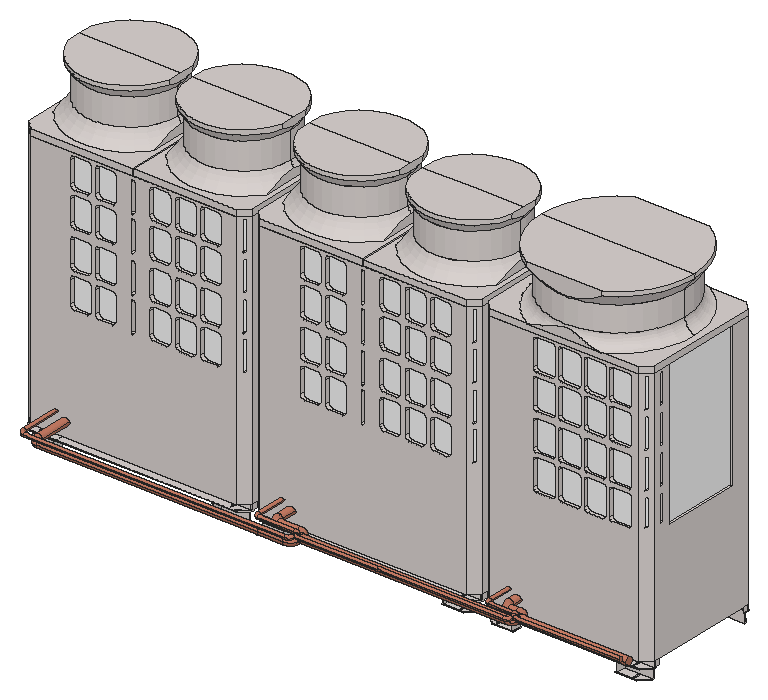
Revit family "PUHY-P950YSNW-A1", category Mechanical Equipment, Revit 2016 (continued)
Definition of nested family "PUHY-P250YNW-A1"
  Lines and regions (mm)
    model lines
      curve 61: arc (222.5, -370, 584) -> (229.571, -370, 581.071) -> (232.5, -370, 574) r 10
      curve 62: arc (232.5, -370, 574) -> (229.571, -370, 566.929) -> (222.5, -370, 564) r 10
      curve 63: arc (-222.5, -370, 564) -> (-229.571, -370, 566.929) -> (-232.5, -370, 574) r 10
      curve 64: line (-222.5, -370, 479) -> (222.5, -370, 479)
      curve 65: line (222.5, -370, 459) -> (-222.5, -370, 459)
      curve 66: arc (-222.5, -370, 479) -> (-229.571, -370, 476.071) -> (-232.5, -370, 469) r 10
      curve 67: arc (222.5, -370, 479) -> (229.571, -370, 476.071) -> (232.5, -370, 469) r 10
      curve 68: arc (232.5, -370, 469) -> (229.571, -370, 461.929) -> (222.5, -370, 459) r 10
      curve 69: arc (-222.5, -370, 459) -> (-229.571, -370, 461.929) -> (-232.5, -370, 469) r 10
      curve 70: line (-222.5, -370, 374) -> (222.5, -370, 374)
      curve 71: line (222.5, -370, 354) -> (-222.5, -370, 354)
      curve 72: arc (-222.5, -370, 374) -> (-229.571, -370, 371.071) -> (-232.5, -370, 364) r 10
      curve 73: arc (222.5, -370, 374) -> (229.571, -370, 371.071) -> (232.5, -370, 364) r 10
      curve 74: arc (232.5, -370, 364) -> (229.571, -370, 356.929) -> (222.5, -370, 354) r 10
      curve 75: arc (-222.5, -370, 354) -> (-229.571, -370, 356.929) -> (-232.5, -370, 364) r 10
      curve 76: line (460, -237.5, 1521) -> (460, -237.5, 95)
      curve 77: line (460, -237.5, 705) -> (460, 236.5, 705)
      curve 78: line (460, -237.5, 724.5) -> (460, 236.5, 724.5)
      curve 79: line (460, 236.5, 1521) -> (460, 236.5, 95)
      curve 80: line (327.5, 370, 1521) -> (327.5, 370, 95)
      curve 81: line (308, 370, 1521) -> (308, 370, 706)
      curve 82: line (327.5, 370, 706) -> (-382.5, 370, 706)
      curve 83: line (-382.5, 370, 1521) -> (-382.5, 370, 95)
      curve 84: line (-363, 370, 1521) -> (-363, 370, 706)
      curve 85: line (460, -140.491, 267.745) -> (460, 139.491, 267.745)
      curve 86: line (460, 139.491, 247.745) -> (460, -140.491, 247.745)
      curve 87: arc (460, -140.491, 247.745) -> (460, -150.491, 257.745) -> (460, -140.491, 267.745) r 10
      curve 88: arc (460, 139.491, 267.745) -> (460, 149.491, 257.745) -> (460, 139.491, 247.745) r 10
      curve 89: line (460, -140.491, 372.745) -> (460, 139.491, 372.745)
      curve 90: line (460, 139.491, 352.745) -> (460, -140.491, 352.745)
      curve 91: arc (460, -140.491, 352.745) -> (460, -150.491, 362.745) -> (460, -140.491, 372.745) r 10
      curve 92: arc (460, 139.491, 372.745) -> (460, 149.491, 362.745) -> (460, 139.491, 352.745) r 10
      curve 93: line (460, -140.491, 477.745) -> (460, 139.491, 477.745)
      curve 94: line (460, 139.491, 457.745) -> (460, -140.491, 457.745)
      curve 95: arc (460, -140.491, 457.745) -> (460, -150.491, 467.745) -> (460, -140.491, 477.745) r 10
      curve 96: arc (460, 139.491, 477.745) -> (460, 149.491, 467.745) -> (460, 139.491, 457.745) r 10
      curve 97: line (460, -140.491, 582.745) -> (460, 139.491, 582.745)
      curve 98: line (460, 139.491, 562.745) -> (460, -140.491, 562.745)
      curve 99: arc (460, -140.491, 562.745) -> (460, -150.491, 572.745) -> (460, -140.491, 582.745) r 10
      curve 100: arc (460, 139.491, 582.745) -> (460, 149.491, 572.745) -> (460, 139.491, 562.745) r 10
      curve 101: line (-222.5, 370, 584) -> (222.5, 370, 584)
      curve 102: line (222.5, 370, 564) -> (-222.5, 370, 564)
      curve 103: arc (-222.5, 370, 584) -> (-229.571, 370, 581.071) -> (-232.5, 370, 574) r 10
      curve 104: arc (222.5, 370, 584) -> (229.571, 370, 581.071) -> (232.5, 370, 574) r 10
      curve 105: arc (232.5, 370, 574) -> (229.571, 370, 566.929) -> (222.5, 370, 564) r 10
      curve 106: arc (-222.5, 370, 564) -> (-229.571, 370, 566.929) -> (-232.5, 370, 574) r 10
      curve 107: line (-222.5, 370, 479) -> (222.5, 370, 479)
      curve 108: line (222.5, 370, 459) -> (-222.5, 370, 459)
      curve 109: arc (-222.5, 370, 479) -> (-229.571, 370, 476.071) -> (-232.5, 370, 469) r 10
      curve 110: arc (222.5, 370, 479) -> (229.571, 370, 476.071) -> (232.5, 370, 469) r 10
      curve 111: arc (232.5, 370, 469) -> (229.571, 370, 461.929) -> (222.5, 370, 459) r 10
      curve 112: arc (-222.5, 370, 459) -> (-229.571, 370, 461.929) -> (-232.5, 370, 469) r 10
      curve 113: line (-222.5, 370, 374) -> (222.5, 370, 374)
      curve 114: line (222.5, 370, 354) -> (-222.5, 370, 354)
      curve 115: arc (-222.5, 370, 374) -> (-229.571, 370, 371.071) -> (-232.5, 370, 364) r 10
      curve 116: arc (222.5, 370, 374) -> (229.571, 370, 371.071) -> (232.5, 370, 364) r 10
      curve 117: arc (232.5, 370, 364) -> (229.571, 370, 356.929) -> (222.5, 370, 354) r 10
      curve 118: arc (-222.5, 370, 354) -> (-229.571, 370, 356.929) -> (-232.5, 370, 364) r 10
      curve 119: line (-222.5, 370, 269) -> (222.5, 370, 269)
      curve 120: line (222.5, 370, 249) -> (-222.5, 370, 249)
      curve 121: arc (-222.5, 370, 269) -> (-229.571, 370, 266.071) -> (-232.5, 370, 259) r 10
      curve 122: arc (222.5, 370, 269) -> (229.571, 370, 266.071) -> (232.5, 370, 259) r 10
      curve 123: arc (232.5, 370, 259) -> (229.571, 370, 251.929) -> (222.5, 370, 249) r 10
      curve 124: arc (-222.5, 370, 249) -> (-229.571, 370, 251.929) -> (-232.5, 370, 259) r 10
      curve 125: line (-325, -370, 131) -> (-197, -370, 131)
      curve 126: line (-335, -370, 205) -> (-335, -370, 141)
      curve 127: line (-197, -370, 215) -> (-325, -370, 215)
      curve 128: line (-187, -370, 141) -> (-187, -370, 205)
      curve 129: arc (-335, -370, 205) -> (-332.071, -370, 212.071) -> (-325, -370, 215) r 10
      curve 130: arc (-197, -370, 215) -> (-189.929, -370, 212.071) -> (-187, -370, 205) r 10
      curve 131: arc (-335, -370, 141) -> (-332.071, -370, 133.929) -> (-325, -370, 131) r 10
      curve 132: arc (-197, -370, 131) -> (-189.929, -370, 133.929) -> (-187, -370, 141) r 10
      curve 133: circle (328, -370, 170) r 20 normal (0, -1, 0)
      curve 134: circle (328, -370, 170) r 32.5 normal (0, -1, 0)
      curve 135: circle (253, -370, 185) r 13.5 normal (0, -1, 0)
      curve 136: circle (253, -370, 185) r 26 normal (0, -1, 0)
      curve 137: circle (204, -370, 150) r 17 normal (0, -1, 0)
    model lines, not visible
      curve 17: line (487.5, -370, 703) -> (492.5, -370, 703)
      curve 18: line (477.5, -370, 363) -> (477.5, -370, 693)
      curve 19: line (492.5, -370, 353) -> (487.5, -370, 353)
      curve 20: line (502.5, -370, 693) -> (502.5, -370, 363)
      curve 21: arc (487.5, -370, 703) -> (480.429, -370, 700.071) -> (477.5, -370, 693) r 10
      curve 22: arc (492.5, -370, 703) -> (499.571, -370, 700.071) -> (502.5, -370, 693) r 10
      curve 23: arc (502.5, -370, 363) -> (499.571, -370, 355.929) -> (492.5, -370, 353) r 10
      curve 24: arc (477.5, -370, 363) -> (480.429, -370, 355.929) -> (487.5, -370, 353) r 10
    reference lines
      curve 31: line (-410, 370, 0) -> (-460, 320, 0)
  Dimensions and locks
    nested 1 to level = 1858.000 mm
    nested 1 to nested 1 = 303.000 mm
    nested 5 to nested 5 = 60.000 mm
    nested 1 to nested 2 = 1495.000 mm
    Extrusion 1 to Extrusion 1 = 920.000 mm
    Extrusion 2 sketch curve to Extrusion 2 sketch curve = 174.824 mm
    Extrusion 3 sketch curve to Extrusion 3 sketch curve = 174.824 mm
    equal spacing: group 5, group 4, group 3, group 2
    equal spacing: group 2, group 3, group 4, group 5  (x2)
    Extrusion 4 sketch curve to Extrusion 4 sketch curve = 174.824 mm
    Extrusion 5 sketch curve to Extrusion 5 sketch curve = 174.824 mm
    Extrusion 6 sketch curve to Extrusion 6 sketch curve = 174.824 mm
    Extrusion 7 sketch curve to Extrusion 7 sketch curve = 174.824 mm
    Extrusion 8 sketch curve to Extrusion 8 sketch curve = 174.824 mm
    Extrusion 9 sketch curve to Extrusion 9 sketch curve = 174.824 mm
    Extrusion 10 sketch curve to Extrusion 10 sketch curve = 174.824 mm
    Extrusion 11 sketch curve to Extrusion 11 sketch curve = 174.824 mm
    Extrusion 12 sketch curve to Extrusion 12 sketch curve = 174.824 mm
    Extrusion 13 sketch curve to Extrusion 13 sketch curve = 174.824 mm
    Extrusion 14 sketch curve to Extrusion 14 sketch curve = 174.824 mm
    Extrusion 15 sketch curve to Extrusion 15 sketch curve = 174.824 mm
    Extrusion 16 sketch curve to Extrusion 16 sketch curve = 174.824 mm
    Extrusion 17 sketch curve to Extrusion 17 sketch curve = 174.824 mm
    cut or joined group 1 (Extrusion 1, Extrusion 2, Extrusion 3, Extrusion 4, Extrusion 5, Extrusion 6, Extrusion 7, Extrusion 8, Extrusion 9, Extrusion 10, Extrusion 11, Extrusion 12, Extrusion 13, Extrusion 14, Extrusion 15, Extrusion 16, Extrusion 17, Extrusion 20, Extrusion 21, Extrusion 22, Extrusion 23, Extrusion 24, Extrusion 25, Extrusion 26, Extrusion 27, Extrusion 28, Extrusion 29, Extrusion 30, Extrusion 31, Extrusion 32) to cut or joined group 1 = 820.000 mm
    cut or joined group 1 to cut or joined group 1 = 920.000 mm
    cut or joined group 1 to cut or joined group 1 = 740.000 mm
    nested 5 to cut or joined group 1 = 80.000 mm
    cut or joined group 1 to nested 4 to nested 5 = 80.000 mm, 760.000 mm
    cut or joined group 1 to nested 2 = 29.500 mm
    cut or joined group 1 to nested 3 to nested 2 = 29.500 mm, 681.000 mm
    cut or joined group 1 to cut or joined group 1 = 35.000 mm
    plane 6 "44" to cut or joined group 1 = 3.536 mm
    Extrusion 25 sketch curve to Extrusion 25 sketch curve = 20.000 mm
    cut or joined group 1 to cut or joined group 1 = 50.000 mm
    locked: Extrusion 19 to nested 2 at 116
    curve 137 to nested 2 = 90.000 mm
    curve 135 to nested 2 = 125.000 mm
    curve 133 to nested 2 = 110.000 mm
    cut or joined group 1 to curve 133 = 132.000 mm
    cut or joined group 1 to curve 135 = 207.000 mm
    cut or joined group 1 to curve 137 = 256.000 mm
    cut or joined group 1 to curve 126 to curve 128 = 125.000 mm, 148.000 mm
    curve 127 to curve 125 to nested 2 = 84.000 mm, 71.000 mm
    cut or joined group 1 to Extrusion 19 = 198.000 mm
    cut or joined group 1 to Extrusion 18 = 181.000 mm
    cut or joined group 1 to curve 29 = 166.000 mm
    cut or joined group 1 to curve 27 = 185.000 mm
    cut or joined group 1 to curve 28 = 110.000 mm
    curve 27 to cut or joined group 1 = 152.000 mm
    curve 28 to cut or joined group 1 = 172.000 mm
    curve 29 to cut or joined group 1 = 216.000 mm
    cut or joined group 1 to curve 9 to curve 11 = 79.000 mm, 94.000 mm
    cut or joined group 1 to curve 12 to curve 10 = 128.000 mm, 150.000 mm
    cut or joined group 1 to plane 10 = 160.000 mm
    cut or joined group 1 to plane 11 = 243.000 mm
    nested 4 to nested 4 = 60.000 mm
    cut or joined group 1 to nested 2 = 32.000 mm
    nested 4 to nested 4 = 56.000 mm
    nested 2 to nested 2 to nested 2 = 20.000 mm, 54.000 mm
    nested 3 to nested 2 = 592.000 mm
    nested 3 to nested 3 = 20.000 mm
    aligned and locked: level to plane 2
    aligned and locked: nested 2 to nested 4
    aligned and locked: nested 2 to nested 5
  Nested families
    nested 1: "FAN GUARD" at (0, 0, 861), type "FAN GUARD"
      with WIDTH 920.000 mm
    nested 2: "BASE LEG" at (0, -352, 60), type "BASE LEG"
      with Width 920.000 mm
    nested 3: "BASE LEG" at (0, 352, 60), type "BASE LEG"
      with Width 920.000 mm
    nested 4: "ATTACHMENT LEG" at (-374, -349, 0), type "ATTACHMENT LEG"
    nested 5: "ATTACHMENT LEG" at (374, -349, 0) x (-1, 0, 0) z (0, 0, 1), type "ATTACHMENT LEG"
    nested 6: "ATTACHMENT LEG" at (-374, 349, 0), type "ATTACHMENT LEG"
    nested 7: "ATTACHMENT LEG" at (374, 349, 0) x (-1, 0, 0) z (0, 0, 1), type "ATTACHMENT LEG"
  Connectors
    piping at (-217, -189, 176), diameter 22.2, driven by "Gas pipe_radius"
      settings: on Extrusion 18, index 3, connector inside diameter 22.2 mm, connector length 0.000 mm, flow factor 0, pipe flow 0.0 L/s, pressure drop 0.0 Pa, fitting loss kfactor 0, connector angle 0.00°, fixture units 0, engagement length 0.000 mm, angle of deflection 0.00°, flow configuration 0, flow direction 0, fitting loss method 0, system type 22, joint type 0, gender type 0, connector reference index -1, connector utility 0, adjustable connector no, is connector primary yes, connector description "Refrigerant service valve (gas)"
    piping at (-300, -172, 176), diameter 9.52, driven by "Liquid pipe_radius"
      settings: on Extrusion 19, index 4, connector inside diameter 9.52 mm, connector length 0.000 mm, flow factor 0, pipe flow 0.0 L/s, pressure drop 0.0 Pa, fitting loss kfactor 0, connector angle 0.00°, fixture units 0, engagement length 0.000 mm, angle of deflection 0.00°, flow configuration 0, flow direction 0, fitting loss method 0, system type 22, joint type 0, gender type 0, connector reference index -1, connector utility 0, adjustable connector no, is connector primary no, connector description "Refrigerant service valve (Liquid)"
    electrical at (0, -370, 808)
      settings: on cut or joined group 1, index 5, voltage 415 V, apparent load 0 VA, apparent load phase1 0 VA, apparent load phase2 0 VA, apparent load phase3 0 VA, power factor 1, load classification none, number of poles 3, system type 30, power factor state 1, is connector primary yes, connector utility no, sub classification motor no, connector description ""
  Definition of nested family "FAN GUARD"
    Parameters
      WIDTH [instance] = 920.000 mm
    Reference planes
      plane 1 "中心(正面/背面)": y = 0
      plane 2: z = 0
      plane 3 "中心(左/右)": x = 0
      plane 4 "ファンガード基準面": z = 660
      plane 5: y = 370
      plane 6: y = -370
      plane 7: x = 460
      plane 8: x = -460
      plane 9 "ファンガード基準上面": z = 694
      plane 10 "ファンガード上面": z = 997
    Forms (mm)
      Extrusion 1, solid
        sketch origin (0, 0, 660) x (-1, 0, 0) y (0, -1, 0)
          loop
            line (410, -370) -> (460, -320) -> (460, 320) -> (410, 370) -> (-410, 370) -> (-460, 320) -> (-460, -320) -> (-410, -370) -> (410, -370)
        from 0 to 34
      Revolve 2, solid
        sketch origin (0, 0, 0) x (1, 0, 0) y (0, 0, 1)
          loop
            line (0, 694) -> (0, 997) -> (-423, 997) -> (-423, 973) -> (-368.829, 903.664) -> (-368.829, 764.141)
            arc (-368.829, 764.141) -> (-384.109, 719.678) -> (-423.494, 694) r 72.332
            line (-423.494, 694) -> (0, 694)
          axis (0, 997) -> (0, 694)
        angle from 0 to 360
      Extrusion 3, void
        sketch origin (0, 0, 694) x (-1, 0, 0) y (0, -1, 0)
          loop
            line (345, -370) -> (-345, -370) -> (-345, -545) -> (345, -545) -> (345, -370)
          loop
            line (345, 370) -> (345, 539.592) -> (-345, 539.592) -> (-345, 370) -> (345, 370)
        from 0 to 400
    Cuts and joins
      Extrusion 3 cuts Revolve 2
    Lines and regions (mm)
      model lines
        curve 1: line (-423, 0, 997) -> (-80, 0, 997)
        curve 2: line (80, 0, 997) -> (423, 0, 997)
        curve 3: circle (0, 0, 997) r 80 normal (0, 0, 1)
        curve 4: line (-415.366, -80, 997) -> (415.366, -80, 997)
        curve 5: line (-391.572, -160, 997) -> (391.572, -160, 997)
        curve 6: line (-348.323, -240, 997) -> (348.323, -240, 997)
        curve 7: line (-276.639, -320, 997) -> (276.639, -320, 997)
        curve 8: line (-415.366, 80, 997) -> (415.366, 80, 997)
        curve 9: line (-391.572, 160, 997) -> (391.572, 160, 997)
        curve 10: line (-348.323, 240, 997) -> (348.323, 240, 997)
        curve 11: line (-276.639, 320, 997) -> (276.639, 320, 997)
        curve 12: line (0, 370, 997) -> (0, -370, 997)
        curve 13: line (-20, 370, 997) -> (-20, -370, 997)
        curve 14: line (-40, 370, 997) -> (-40, -370, 997)
        curve 15: line (-60, 370, 997) -> (-60, -370, 997)
        curve 16: line (-80, 370, 997) -> (-80, -370, 997)
        curve 17: line (20, 370, 997) -> (20, -370, 997)
        curve 18: line (40, 370, 997) -> (40, -370, 997)
        curve 19: line (60, 370, 997) -> (60, -370, 997)
        curve 20: line (80, 370, 997) -> (80, -370, 997)
        curve 21: line (100, 370, 997) -> (100, -370, 997)
        curve 22: line (120, 370, 997) -> (120, -370, 997)
        curve 23: line (140, 370, 997) -> (140, -370, 997)
        curve 24: line (160, 370, 997) -> (160, -370, 997)
        curve 25: line (180, 370, 997) -> (180, -370, 997)
        curve 26: line (200, 370, 997) -> (200, -370, 997)
        curve 27: line (220, 361.288, 997) -> (220, -361.288, 997)
        curve 28: line (240, 348.323, 997) -> (240, -348.323, 997)
        curve 29: line (260, 333.66, 997) -> (260, -333.66, 997)
        curve 30: line (280, 317.063, 997) -> (280, -317.063, 997)
        curve 31: line (300, 298.21, 997) -> (300, -298.21, 997)
        curve 32: line (320, 276.639, 997) -> (320, -276.639, 997)
        curve 33: line (340, 251.653, 997) -> (340, -251.653, 997)
        curve 34: line (360, 222.101, 997) -> (360, -222.101, 997)
        curve 35: line (380, 185.82, 997) -> (380, -185.82, 997)
        curve 36: line (400, 137.583, 997) -> (400, -137.583, 997)
        curve 37: line (420, 50.289, 997) -> (420, -50.289, 997)
        curve 38: line (-100, 370, 997) -> (-100, -370, 997)
        curve 39: line (-120, 370, 997) -> (-120, -370, 997)
        curve 40: line (-140, 370, 997) -> (-140, -370, 997)
        curve 41: line (-160, 370, 997) -> (-160, -370, 997)
        curve 42: line (-180, 370, 997) -> (-180, -370, 997)
        curve 43: line (-200, 370, 997) -> (-200, -370, 997)
        curve 44: line (-220, 361.288, 997) -> (-220, -361.288, 997)
        curve 45: line (-240, 348.323, 997) -> (-240, -348.323, 997)
        curve 46: line (-260, 333.66, 997) -> (-260, -333.66, 997)
        curve 47: line (-280, 317.063, 997) -> (-280, -317.063, 997)
        curve 48: line (-300, 298.21, 997) -> (-300, -298.21, 997)
        curve 49: line (-320, 276.639, 997) -> (-320, -276.639, 997)
        curve 50: line (-340, 251.653, 997) -> (-340, -251.653, 997)
        curve 51: line (-360, 222.101, 997) -> (-360, -222.101, 997)
        curve 52: line (-380, 185.82, 997) -> (-380, -185.82, 997)
        curve 53: line (-400, 137.583, 997) -> (-400, -137.583, 997)
        curve 54: line (-420, 50.289, 997) -> (-420, -50.289, 997)
        curve 55: line (10, 79.373, 997) -> (10, -79.373, 997)
        curve 56: line (-10, 79.373, 997) -> (-10, -79.373, 997)
        curve 57: line (30, 74.162, 997) -> (30, -74.162, 997)
        curve 58: line (50, 62.45, 997) -> (50, -62.45, 997)
        curve 59: line (70, 38.73, 997) -> (70, -38.73, 997)
        curve 60: line (-30, 74.162, 997) -> (-30, -74.162, 997)
        curve 61: line (-50, 62.45, 997) -> (-50, -62.45, 997)
        curve 62: line (-70, 38.73, 997) -> (-70, -38.73, 997)
    Dimensions and locks
      "WIDTH": plane 8 to plane 7
      locked: plane 6 to plane 5 at 740
      equal spacing: plane 8, plane 3 "中心(左/右)", plane 7
      equal spacing: plane 6, plane 1 "中心(正面/背面)", plane 5
      plane 3 "中心(左/右)" to Revolve 2 sketch curve = 423.000 mm
      locked: plane 10 "ファンガード上面" to plane 9 "ファンガード基準上面" at 303
      aligned and locked: level to plane 2
      aligned and locked: plane 5 to Extrusion 1 sketch curve
      aligned and locked: Extrusion 1 sketch curve to plane 6
      aligned and locked: plane 8 to Extrusion 1 sketch curve
      aligned and locked: plane 7 to Extrusion 1 sketch curve
      aligned and locked: plane 9 "ファンガード基準上面" to Extrusion 1
      aligned and locked: plane 4 "ファンガード基準面" to Extrusion 1
      aligned and locked: plane 9 "ファンガード基準上面" to Revolve 2 sketch curve
      aligned and locked: Revolve 2 sketch curve to plane 3 "中心(左/右)"
      aligned and locked: Extrusion 1 to Extrusion 3 sketch curve
      aligned and locked: Extrusion 3 sketch curve to Extrusion 1
      aligned and locked: cut or joined group of Revolve 2, Extrusion 3 to plane 10 "ファンガード上面"
    Automatic sketch dimensions
      Extrusion 1 sketch curve to plane 7 = 50.000 mm  (x2)
      plane 8 to Extrusion 1 sketch curve = 50.000 mm  (x2)
      plane 5 to Extrusion 1 sketch curve = 50.000 mm  (x2)
      Extrusion 1 sketch curve to plane 6 = 50.000 mm  (x2)
      plane 3 "中心(左/右)" to Extrusion 3 sketch curve = 345.000 mm  (x2)
      Extrusion 3 sketch curve to plane 3 "中心(左/右)" = 345.000 mm  (x2)
      Extrusion 3 sketch curve to Extrusion 3 sketch curve = 175.000 mm
      Extrusion 3 sketch curve to Extrusion 3 sketch curve = 169.592 mm
      plane 1 "中心(正面/背面)" to curve 2 = 0.000 mm
      plane 1 "中心(正面/背面)" to curve 3 = 0.000 mm
      curve 3 to plane 3 "中心(左/右)" = 0.000 mm
      curve 12 to plane 3 "中心(左/右)" = 0.000 mm
      plane 1 "中心(正面/背面)" to curve 1 = 0.000 mm
      plane 3 "中心(左/右)" to curve 55 = 10.000 mm
      curve 17 to curve 12 = 20.000 mm
      curve 57 to curve 55 = 20.000 mm
      curve 18 to curve 17 = 20.000 mm
      curve 58 to curve 57 = 20.000 mm
      curve 19 to curve 18 = 20.000 mm
      curve 59 to curve 58 = 20.000 mm
      curve 20 to curve 19 = 20.000 mm
      curve 2 to curve 59 = 10.000 mm
      curve 21 to curve 20 = 20.000 mm
      curve 22 to curve 21 = 20.000 mm
      curve 23 to curve 22 = 20.000 mm
      curve 24 to curve 23 = 20.000 mm
      curve 25 to curve 24 = 20.000 mm
      curve 26 to curve 25 = 20.000 mm
      curve 27 to curve 26 = 20.000 mm
      curve 28 to curve 27 = 20.000 mm
      curve 29 to curve 28 = 20.000 mm
      curve 11 to curve 29 = 16.639 mm
      curve 7 to curve 29 = 16.639 mm
      curve 30 to curve 7 = 3.361 mm
      curve 31 to curve 30 = 20.000 mm
      curve 32 to curve 31 = 20.000 mm
      curve 33 to curve 32 = 20.000 mm
      curve 6 to curve 33 = 8.323 mm
      curve 10 to curve 33 = 8.323 mm
      curve 34 to curve 10 = 11.677 mm
      curve 35 to curve 34 = 20.000 mm
      curve 9 to curve 35 = 11.572 mm
      curve 5 to curve 35 = 11.572 mm
      curve 36 to curve 9 = 8.428 mm
      curve 8 to curve 36 = 15.366 mm
      curve 4 to curve 36 = 15.366 mm
      curve 37 to curve 8 = 4.634 mm
      curve 2 to curve 37 = 3.000 mm
      curve 56 to plane 3 "中心(左/右)" = 10.000 mm
      curve 13 to plane 3 "中心(左/右)" = 20.000 mm
      curve 56 to curve 60 = 20.000 mm
      curve 13 to curve 14 = 20.000 mm
      curve 60 to curve 61 = 20.000 mm
      curve 14 to curve 15 = 20.000 mm
      curve 61 to curve 62 = 20.000 mm
      curve 15 to curve 16 = 20.000 mm
      curve 16 to curve 38 = 20.000 mm
      curve 38 to curve 39 = 20.000 mm
      curve 39 to curve 40 = 20.000 mm
      curve 40 to curve 41 = 20.000 mm
      curve 41 to curve 42 = 20.000 mm
      curve 42 to curve 43 = 20.000 mm
      curve 43 to curve 44 = 20.000 mm
      curve 44 to curve 45 = 20.000 mm
      curve 45 to curve 46 = 20.000 mm
      curve 46 to curve 7 = 16.639 mm
      curve 46 to curve 11 = 16.639 mm
      curve 7 to curve 47 = 3.361 mm
      curve 47 to curve 48 = 20.000 mm
      curve 48 to curve 49 = 20.000 mm
      curve 49 to curve 50 = 20.000 mm
      curve 50 to curve 6 = 8.323 mm
      curve 50 to curve 10 = 8.323 mm
      curve 10 to curve 51 = 11.677 mm
      curve 51 to curve 52 = 20.000 mm
      curve 52 to curve 9 = 11.572 mm
      curve 52 to curve 5 = 11.572 mm
      curve 5 to curve 53 = 8.428 mm
      curve 53 to curve 4 = 15.366 mm
      curve 53 to curve 8 = 15.366 mm
      curve 4 to curve 54 = 4.634 mm
      curve 54 to curve 1 = 3.000 mm
      curve 8 to plane 1 "中心(正面/背面)" = 80.000 mm
      curve 36 to curve 8 = 57.583 mm
      curve 53 to curve 8 = 57.583 mm
      curve 9 to curve 36 = 22.417 mm
      curve 52 to curve 9 = 25.820 mm
      curve 35 to curve 9 = 25.820 mm
      curve 51 to curve 52 = 36.282 mm
      curve 34 to curve 35 = 36.282 mm
      curve 10 to curve 51 = 17.899 mm
      curve 33 to curve 10 = 11.653 mm
      curve 50 to curve 10 = 11.653 mm
      curve 49 to curve 50 = 24.986 mm
      curve 32 to curve 33 = 24.986 mm
      curve 48 to curve 49 = 21.571 mm
      curve 31 to curve 32 = 21.571 mm
      curve 47 to curve 48 = 18.853 mm
      curve 30 to curve 31 = 18.853 mm
      curve 11 to curve 30 = 2.937 mm
      curve 29 to curve 11 = 13.660 mm
      curve 46 to curve 11 = 13.660 mm
      curve 28 to curve 29 = 14.663 mm
      curve 45 to curve 46 = 14.663 mm
      curve 44 to curve 45 = 12.965 mm
      curve 27 to curve 28 = 12.965 mm
      curve 12 to curve 27 = 8.712 mm
      curve 12 to curve 21 = 0.000 mm
      curve 13 to curve 12 = 0.000 mm
      curve 14 to curve 13 = 0.000 mm  (x2)
      curve 12 to curve 18 = 0.000 mm
      curve 21 to curve 23 = 0.000 mm
      curve 43 to curve 44 = 8.712 mm
      curve 23 to curve 24 = 0.000 mm  (x2)
      curve 43 to curve 42 = 0.000 mm  (x2)
      curve 24 to curve 25 = 0.000 mm  (x2)
      curve 42 to curve 41 = 0.000 mm  (x2)
      curve 25 to curve 26 = 0.000 mm  (x2)
      curve 41 to curve 40 = 0.000 mm  (x2)
      curve 20 to curve 21 = 0.000 mm  (x2)
      curve 40 to curve 39 = 0.000 mm  (x2)
      curve 15 to curve 14 = 0.000 mm
      curve 39 to curve 38 = 0.000 mm
      curve 38 to curve 16 = 0.000 mm  (x2)
      curve 18 to curve 19 = 0.000 mm  (x2)
      curve 12 to curve 17 = 0.000 mm  (x2)
      curve 21 to curve 22 = 0.000 mm  (x2)
      curve 8 to curve 37 = 29.711 mm
      curve 8 to curve 54 = 29.711 mm
      plane 1 "中心(正面/背面)" to curve 37 = 50.289 mm
      plane 1 "中心(正面/背面)" to curve 54 = 50.289 mm
      curve 37 to curve 4 = 29.711 mm
      curve 4 to curve 36 = 57.583 mm
      curve 4 to curve 53 = 57.583 mm
      curve 36 to curve 5 = 22.417 mm
      curve 5 to curve 52 = 25.820 mm
      curve 5 to curve 35 = 25.820 mm
      curve 35 to curve 34 = 36.282 mm
      curve 52 to curve 51 = 36.282 mm
      curve 51 to curve 6 = 17.899 mm
      curve 6 to curve 50 = 11.653 mm
      curve 6 to curve 33 = 11.653 mm
      curve 50 to curve 49 = 24.986 mm
      curve 33 to curve 32 = 24.986 mm
      curve 49 to curve 48 = 21.571 mm
      curve 32 to curve 31 = 21.571 mm
      curve 48 to curve 47 = 18.853 mm
      curve 31 to curve 30 = 18.853 mm
      curve 30 to curve 7 = 2.937 mm
      curve 7 to curve 46 = 13.660 mm
      curve 7 to curve 29 = 13.660 mm
      curve 29 to curve 28 = 14.663 mm
      curve 46 to curve 45 = 14.663 mm
      curve 45 to curve 44 = 12.965 mm
      curve 28 to curve 27 = 12.965 mm
      curve 44 to curve 13 = 8.712 mm
      curve 27 to curve 23 = 8.712 mm
      curve 15 to curve 13 = 0.000 mm
      curve 44 to curve 42 = 8.712 mm
      curve 16 to curve 15 = 0.000 mm
      curve 22 to curve 23 = 0.000 mm
      curve 13 to curve 17 = 0.000 mm
      curve 17 to curve 19 = 0.000 mm
      Revolve 2 sketch curve to plane 3 "中心(左/右)" = 0.000 mm
      Revolve 2 sketch curve to plane 10 "ファンガード上面" = 0.000 mm
      plane 9 "ファンガード基準上面" to Revolve 2 sketch curve = 70.141 mm
      Revolve 2 sketch curve to Revolve 2 sketch curve = 18.161 mm
      Revolve 2 sketch curve to level = 1700.815 mm
      Revolve 2 sketch curve to plane 10 "ファンガード上面" = 93.336 mm
      Revolve 2 sketch curve to plane 10 "ファンガード上面" = 24.000 mm
      Revolve 2 sketch curve to Revolve 2 sketch curve = 790.769 mm
      Revolve 2 sketch curve to Revolve 2 sketch curve = 17.668 mm
  Definition of nested family "BASE LEG"
    Parameters
      Width [instance] = 920.000 mm
    Reference planes
      plane 1 "中心(正面/背面)": y = 0
      plane 2: z = 0
      plane 3 "中心(左/右)": x = 0
      plane 4: x = 460
      plane 5: x = -460
      plane 6: x = -380
      plane 7: x = 380
      plane 8: y = -18
      plane 9: y = 39
      plane 10: z = 53
      plane 11: y = 42
      plane 12: y = 27
      plane 13: x = 415
      plane 14: x = -415
      plane 15: z = 8
      plane 16: y = 11.5
      plane 17: z = 35
    Forms (mm)
      Extrusion 1, solid
        sketch origin (0, 0, 0) x (0, 1, 0) y (0, 0, 1)
          loop
            line (-18, 0) -> (36, 0) -> (36, 32) -> (56, 32) -> (56, 35) -> (33, 35) -> (33, 3) -> (-18, 3) -> (-18, 0)
        from -460 to 460
      Extrusion 2, void
        sketch origin (0, 0, 0) x (1, 0, 0) y (0, 1, 0)
          loop
            line (415, -18) -> (460, -18) -> (460, 27) -> (415, -18)
          loop
            line (-415, -18) -> (-460, 27) -> (-460, -18) -> (-415, -18)
        from 0 to 250
      Extrusion 3, void
        sketch origin (0, 12.023, 0) x (1, 0, 0) y (0, 1, 0)
          loop
            arc (373, -2.971) -> (380, -9.971) -> (387, -2.971) r 7
            line (387, -2.971) -> (387, 3.023)
            arc (387, 3.023) -> (380, 10.023) -> (373, 3.023) r 7
            line (373, 3.023) -> (373, -2.971)
          loop
            line (-373, -2.971) -> (-373, 3.023)
            arc (-373, 3.023) -> (-380, 10.023) -> (-387, 3.023) r 7
            line (-387, 3.023) -> (-387, -2.971)
            arc (-387, -2.971) -> (-380, -9.971) -> (-373, -2.971) r 7
        from 0 to 250
      Extrusion 4, solid
        sketch origin (0, 0, -3) x (1, 0, 0) y (0, 0, 1)
          loop
            line (457, 8) -> (460, 8) -> (460, 35) -> (457, 35) -> (457, 8)
          loop
            line (-457, 8) -> (-457, 35) -> (-460, 35) -> (-460, 8) -> (-457, 8)
        from -36 to -56
      Extrusion 5, solid
        sketch origin (150, 352, 0) x (1, 0, 0) y (0, 1, 0)
          loop
            line (310, -319) -> (305, -319) -> (305, -320) -> (255, -370) -> (260, -370) -> (310, -320) -> (310, -319)
        from 3 to 35
      Extrusion 6, void
        sketch origin (410, -18, 0) x (0.707107, 0.707107, 0) y (0, 0, 1)
          loop
            line (70.711, 3) -> (-6.741, 39.767) -> (-6.741, 3) -> (70.711, 3)
        from -190.256 to 23.776
      Extrusion 7, solid
        sketch origin (-150, 352, 0) x (-1, 0, 0) y (0, -1, 0)
          loop
            line (310, 319) -> (310, 320) -> (260, 370) -> (255, 370) -> (305, 320) -> (305, 319) -> (310, 319)
        from 3 to 35
      Extrusion 8, void
        sketch origin (-410, -18, 0) x (0.707107, -0.707107, 0) y (0, 0, -1)
          loop
            line (-70.711, -3) -> (0, -35) -> (6.741, -35) -> (6.741, -3) -> (-70.711, -3)
        from -190.256 to 23.776
    Cuts and joins
      Extrusion 2, Extrusion 3 cuts Extrusion 1
      joined: Extrusion 1, Extrusion 4
      Extrusion 8 cuts Extrusion 7
      Extrusion 6 cuts Extrusion 5
    Dimensions and locks
      "Width": plane 5 to plane 4
      equal spacing: plane 5, plane 3 "中心(左/右)", plane 4
      locked: plane 5 to plane 6 at 80
      locked: plane 7 to plane 4 at 80
      locked: plane 8 to plane 9 at 57
      locked: plane 10 to level at 53
      locked: plane 9 to plane 11 at 3
      plane 8 to plane 12 = 45.000 mm
      locked: plane 13 to plane 4 at 45
      locked: plane 5 to plane 14 at 45
      equal spacing: Extrusion 3 sketch curve, plane 7, Extrusion 3 sketch curve
      equal spacing: Extrusion 3 sketch curve, plane 6, Extrusion 3 sketch curve
      locked: plane 10 to plane 15 at 45
      locked: cut or joined group of Extrusion 1, Extrusion 2, Extrusion 3, Extrusion 4 to Extrusion 4 sketch curve at 3  (x2)
      locked: plane 8 to plane 16 at 29.5
      plane 8 to plane 11 = 60.000 mm
      cut or joined group of Extrusion 1, Extrusion 2, Extrusion 3, Extrusion 4 to cut or joined group of Extrusion 1, Extrusion 2, Extrusion 3, Extrusion 4 = 35.000 mm
      aligned and locked: level to plane 2
      aligned and locked: plane 8 to Extrusion 1 sketch curve
      aligned and locked: plane 4 to Extrusion 1
      aligned and locked: Extrusion 1 to plane 5
      aligned and locked: Extrusion 2 sketch curve to plane 4
      aligned and locked: Extrusion 2 sketch curve to plane 8
      aligned and locked: plane 12 to Extrusion 2 sketch curve
      aligned and locked: plane 13 to Extrusion 2 sketch curve
      aligned and locked: plane 4 to Extrusion 4 sketch curve
      aligned and locked: plane 5 to Extrusion 4 sketch curve
      aligned and locked: cut or joined group of Extrusion 7, Extrusion 8 to cut or joined group of Extrusion 1, Extrusion 2, Extrusion 3, Extrusion 4
    Automatic sketch dimensions
      Extrusion 3 sketch curve to plane 1 "中心(正面/背面)" = 9.052 mm  (x2)
      Extrusion 3 sketch curve to plane 7 = 7.000 mm
      Extrusion 3 sketch curve to plane 1 "中心(正面/背面)" = 15.046 mm  (x2)
      Extrusion 3 sketch curve to plane 6 = 7.000 mm
      Extrusion 2 sketch curve to plane 5 = 0.000 mm
      plane 8 to Extrusion 2 sketch curve = 0.000 mm
      Extrusion 2 sketch curve to plane 14 = 0.000 mm
      plane 12 to Extrusion 2 sketch curve = 0.000 mm
      Extrusion 4 sketch curve to plane 10 = 21.000 mm
      plane 7 to Extrusion 5 sketch curve = 25.000 mm
      Extrusion 5 sketch curve to Extrusion 5 sketch curve = 5.000 mm  (x2)
      plane 7 to Extrusion 5 sketch curve = 75.000 mm
      plane 8 to Extrusion 5 sketch curve = 0.000 mm
      Extrusion 5 sketch curve to Extrusion 5 sketch curve = 50.000 mm
      Extrusion 5 sketch curve to Extrusion 5 sketch curve = 0.000 mm
      Extrusion 5 sketch curve to Extrusion 5 sketch curve = 1.000 mm
      Extrusion 6 sketch curve to Extrusion 5 = 0.000 mm  (x2)
      Extrusion 6 sketch curve to Extrusion 5 = 6.741 mm
      Extrusion 6 sketch curve to Extrusion 5 = 4.767 mm
      plane 6 to Extrusion 7 sketch curve = 25.000 mm
      Extrusion 7 sketch curve to Extrusion 7 sketch curve = 5.000 mm  (x2)
      Extrusion 7 sketch curve to Extrusion 7 sketch curve = 45.000 mm
      Extrusion 7 sketch curve to plane 8 = 0.000 mm
      Extrusion 7 sketch curve to Extrusion 7 sketch curve = 50.000 mm
      Extrusion 7 sketch curve to Extrusion 7 sketch curve = 0.000 mm
      Extrusion 7 sketch curve to Extrusion 7 sketch curve = 1.000 mm
      Extrusion 8 sketch curve to Extrusion 7 = 0.000 mm  (x2)
      Extrusion 7 to Extrusion 8 sketch curve = 0.000 mm  (x2)
      Extrusion 7 to Extrusion 8 sketch curve = 6.741 mm
      Extrusion 4 sketch curve to plane 17 = 3.000 mm
      Extrusion 4 sketch curve to plane 15 = 3.000 mm  (x2)
      Extrusion 1 sketch curve to plane 17 = 0.000 mm
      Extrusion 1 sketch curve to level = 0.000 mm
      level to Extrusion 1 sketch curve = 3.000 mm
      plane 9 to Extrusion 1 sketch curve = 6.000 mm
      plane 9 to Extrusion 1 sketch curve = 3.000 mm
      Extrusion 1 sketch curve to plane 17 = 3.000 mm
      Extrusion 1 sketch curve to plane 11 = 14.000 mm
  Definition of nested family "ATTACHMENT LEG"
    Parameters
      Width = 145.000 mm
    Reference planes
      plane 1: z = 0
      plane 2 "中心(左/右)": x = -6
      plane 3: x = -52
      plane 4: x = 85
      plane 5: x = 93
      plane 6: y = -21
      plane 7: y = 27
      plane 8: x = -30
      plane 9: y = 39
      plane 10: z = 60
      plane 11: z = 57
      plane 12: z = 3
      plane 13: x = 82
      plane 14: y = 36
      plane 15: x = -75
      plane 16: y = 31
      plane 17 "幅": x = 93
      plane 18: y = 2.5
      plane 19: y = 21
      plane 20: y = -10
    Forms (mm)
      Extrusion 1, solid
        sketch origin (0, -1, 0) x (1, 0, 0) y (0, 1, 0)
          loop
            line (-75, 36) -> (-75, 27) -> (-28, -20) -> (93, -20) -> (93, 32) -> (85, 32) -> (85, 36) -> (-75, 36)
        from 0 to 60
      Extrusion 2, void
        sketch origin (0, -3, 0) x (1, 0, 0) y (0, 0, 1)
          loop
            line (-75, 57) -> (-75, 3) -> (82, 3) -> (82, 57) -> (-75, 57)
          loop
            line (93, 57) -> (85, 57) -> (85, 3) -> (93, 3) -> (93, 57)
        from -35 to 18
      Extrusion 3, void
        sketch origin (-6, 5.5, 0) x (1, 0, 0) y (0, 1, 0)
          loop
            arc (-7, -8.5) -> (0, -15.5) -> (7, -8.5) r 7
            line (7, -8.5) -> (7, 8.5)
            arc (7, 8.5) -> (0, 15.5) -> (-7, 8.5) r 7
            line (-7, 8.5) -> (-7, -8.5)
        from 0 to 60
    Cuts and joins
      Extrusion 2, Extrusion 3 cuts Extrusion 1
    Dimensions and locks
      locked: plane 3 to plane 4 at 137
      locked: plane 3 to plane 5 at 145
      plane 6 to plane 7 = 48.000 mm
      locked: plane 10 to level at 60
      Extrusion 3 sketch curve to plane 2 "中心(左/右)" = 7.000 mm
      locked: plane 15 to plane 2 "中心(左/右)" at 69
      locked: plane 15 to plane 8 at 45
      locked: plane 6 to plane 18 at 23.5
      cut or joined group of Extrusion 1, Extrusion 2, Extrusion 3 to cut or joined group of Extrusion 1, Extrusion 2, Extrusion 3 = 168.000 mm
      cut or joined group of Extrusion 1, Extrusion 2, Extrusion 3 to cut or joined group of Extrusion 1, Extrusion 2, Extrusion 3 = 56.000 mm  (x2)
      plane 14 to plane 6 = 57.000 mm
      aligned and locked: level to plane 1
      aligned and locked: Extrusion 1 sketch curve to plane 4
      aligned and locked: Extrusion 1 sketch curve to plane 5
      aligned: plane 8 to Extrusion 1 sketch curve
      aligned and locked: plane 10 to Extrusion 1
      aligned and locked: Extrusion 2 sketch curve to plane 11
      aligned: plane 3 to Extrusion 2 sketch curve
      aligned and locked: plane 12 to Extrusion 2 sketch curve
      aligned and locked: Extrusion 2 sketch curve to plane 13
      aligned and locked: plane 6 to Extrusion 2
      aligned and locked: plane 11 to Extrusion 2 sketch curve
      aligned and locked: plane 5 to Extrusion 2 sketch curve
      aligned and locked: Extrusion 2 sketch curve to plane 12
      aligned and locked: Extrusion 2 sketch curve to plane 4
      aligned and locked: plane 15 to Extrusion 1 sketch curve
      aligned and locked: Extrusion 2 sketch curve to cut or joined group of Extrusion 1, Extrusion 2, Extrusion 3
      aligned and locked: Extrusion 1 to plane 16
Types (6, lengths in mm): name | Voltage | Hertz | Heating Rated Load Ampacity (A) | Heating Current Input (Nominal) (A) | Heating Current Input (A) | Cooling Rated Load Ampacity (A) | Cooling Current Input (A)
  PUHY-P950YSNW-A1_380V_50Hz | 380 V | 50 Hz | 47.9 | 40.6 | 47.9 | 50.6 | 50.6
  PUHY-P950YSNW-A1_380V_60Hz | 380 V | 60 Hz | 47.9 | 40.6 | 47.9 | 50.6 | 50.6
  PUHY-P950YSNW-A1_400V_50Hz | 400 V | 50 Hz | 45.5 | 38.6 | 45.5 | 48.1 | 48.1
  PUHY-P950YSNW-A1_400V_60Hz | 400 V | 60 Hz | 45.5 | 38.6 | 45.5 | 48.1 | 48.1
  PUHY-P950YSNW-A1_415V_50Hz | 415 V | 50 Hz | 43.8 | 37.2 | 43.8 | 46.3 | 46.3
  PUHY-P950YSNW-A1_415V_60Hz | 415 V | 60 Hz | 43.8 | 37.2 | 43.8 | 46.3 | 46.3
